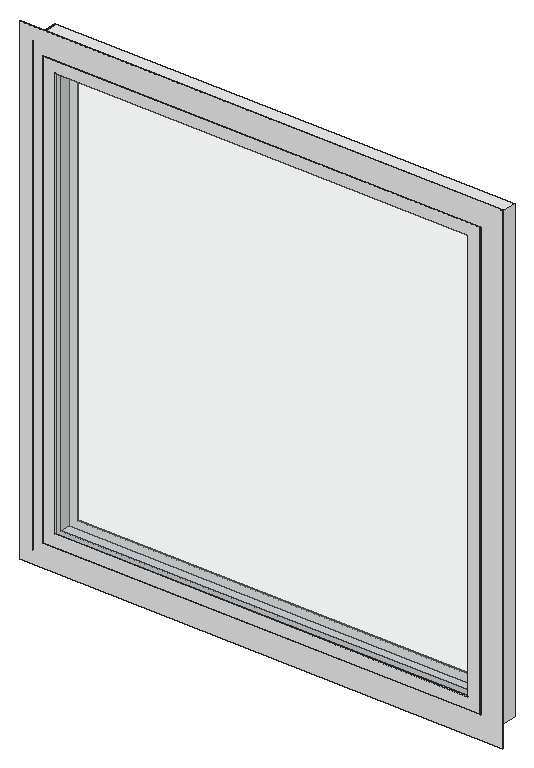
Revit family "Casement_38_B_Top_Hung_Standard", category Windows, host Wall, Revit 2014
Parameters (values of type "Casement_Sash_DG")
  Width Sash [instance] = 30 mm
  Width Sash Inner = 15 mm
  Width Bead = 15 mm
  Top Hung [instance] = yes
  Side Hung Right [instance] = yes
  Side Hung Left [instance] = yes
  Sash Opening Width [instance] = 600 mm
  Sash Opening Height [instance] = 600.312 mm
  Sash Lip = 15 mm
  Glazing Material [instance] = Glass
  DG Start Piece 2 [instance] = DG End Piece 1 + DG Gasket Thickness  # 25 mm
  DG Start Peice 1 [instance] = (Depth Sash - (2 * DG Glazing Thickness) - DG Gasket Thickness) / 2  # 6.6 mm
  Glazing Offset = 5 mm
  DG Glazing Thickness [instance] = 6.4 mm
  DG Gasket Thickness = 12 mm  # constant formula
  DG Gasket Material [instance] = none
  DG End Piece 2 [instance] = DG Start Piece 2 + DG Glazing Thickness  # 31.4 mm
  DG End Piece 1 [instance] = DG Start Peice 1 + DG Glazing Thickness  # 13 mm
  Depth Sash [instance] = 38 mm
  Center Vertical Sash [instance] = Sash Opening Height / 2  # 300.156 mm
  Center Horizontal Sash [instance] = Sash Opening Width / 2  # 300 mm
  Bottom Hung [instance] = yes
  Bead Offset = 15 mm
  Aluminium Thickness = 1 mm
  Aluminium Material [instance] = White Powder Coated Aluminium
Reference planes
  plane 1 "Center (Front/Back)": y = 0
  plane 2: z = 0
  plane 3 "Center (Left/Right)": x = 0
Forms (mm)
  Sweep 1, solid, material "White Powder Coated Aluminium" <- "Aluminium Material"
    path origin (16.177, 0, 121.331) x (1, 0, 0) y (0, 0, 1)
      loop
        line (0, 0) -> (600, 0) -> (600, 600.312) -> (0, 600.312) -> (0, 0)
    profile origin (316.177, 0, 121.331) x (0, 0, 1) y (0, -1, 0)
      loop
        line (0, 0) -> (30, 0) -> (30, 1) -> (15, 1) -> (15, 38) -> (-15, 38) -> (-15, 37) -> (0, 37) -> (0, 0)
      loop
        line (14, 1) -> (14, 37) -> (1, 37) -> (1, 1) -> (14, 1)
  Sweep 2, solid, material "White Powder Coated Aluminium" <- "Aluminium Material"
    path origin (0, 0, 0) x (1, 0, 0) y (0, 0, 1)
      loop
        line (31.177, 706.643) -> (31.177, 136.331) -> (601.177, 136.331) -> (601.177, 706.643) -> (31.177, 706.643)
    profile origin (316.177, 0, 706.643) x (0, 0, 1) y (0, -1, 0)
      loop
        line (0, 37) -> (0, 38) -> (-15, 38) -> (-15, 37) -> (0, 37)
  Extrusion 3, solid, material "Glass" <- "Glazing Material"
    sketch origin (0, 0, 0) x (1, 0, 0) y (0, 0, 1)
      loop
        line (36.177, 701.643) -> (36.177, 141.331) -> (596.177, 141.331) -> (596.177, 701.643) -> (36.177, 701.643)
    from 6.6 <- "DG Start Peice 1" to 13 <- "DG End Piece 1"
  Extrusion 4, solid, material "Glass" <- "Glazing Material"
    sketch origin (0, 0, 0) x (1, 0, 0) y (0, 0, 1)
      loop
        line (36.177, 701.643) -> (36.177, 141.331) -> (596.177, 141.331) -> (596.177, 701.643) -> (36.177, 701.643)
    from 31.4 <- "DG End Piece 2" to 25 <- "DG Start Piece 2"
  Sweep 5, solid, material <- "DG Gasket Material"
    path origin (0, -13, 0) x (1, 0, 0) y (0, 0, 1)
      loop
        line (36.177, 701.643) -> (36.177, 141.331) -> (596.177, 141.331) -> (596.177, 701.643) -> (36.177, 701.643)
    profile origin (316.177, -13, 701.643) x (0, 0, 1) y (0, -1, 0)
      loop
        line (0, 0) -> (0, 12) -> (-7.96, 12) -> (-7.96, 0) -> (0, 0)
Lines and regions (mm)
  model lines
    curve 1: line (1.177, -38, 736.643) -> (31.177, -38, 706.643)
    curve 2: line (601.177, -38, 706.643) -> (631.177, -38, 736.643)
    curve 3: line (601.177, -38, 136.331) -> (631.177, -38, 106.331)
    curve 4: line (1.177, -38, 106.331) -> (31.177, -38, 136.331)
    curve 5: line (631.177, -37, 736.643) -> (616.177, -37, 721.643)
    curve 6: line (1.177, -37, 736.643) -> (16.177, -37, 721.643)
    curve 7: line (1.177, -37, 106.331) -> (16.177, -37, 121.331)
    curve 8: line (631.177, -37, 106.331) -> (616.177, -37, 121.331)
    curve 9: line (616.177, 0, 121.331) -> (586.177, 0, 151.331)
    curve 10: line (46.177, 0, 151.331) -> (16.177, 0, 121.331)
    curve 11: line (616.177, 0, 721.643) -> (586.177, 0, 691.643)
    curve 12: line (46.177, 0, 691.643) -> (16.177, 0, 721.643)
    curve 13: line (31.177, -38, 691.643) -> (46.177, -38, 691.643)
    curve 14: line (586.177, -38, 691.643) -> (601.177, -38, 691.643)
    curve 15: line (586.177, -38, 151.331) -> (601.177, -38, 151.331)
    curve 16: line (31.177, -38, 151.331) -> (46.177, -38, 151.331)
  model lines, style "GenericModelHiddenLines", visible <- "Top Hung"
    curve 17: line (46.386, -31.4, 690.914) -> (316.177, -31.4, 151.331)
    curve 18: line (316.177, -31.4, 151.331) -> (586.177, -31.4, 691.331)
  model lines, style "GenericModelHiddenLines", visible <- "Bottom Hung"
    curve 19: line (46.177, -31.4, 151.331) -> (316.177, -31.4, 691.331)
    curve 20: line (316.177, -31.4, 691.331) -> (586.177, -31.4, 151.331)
  model lines, style "GenericModelHiddenLines", visible <- "Side Hung Left"
    curve 21: line (46.386, -31.4, 690.914) -> (585.24, -31.4, 421.487)
    curve 22: line (585.24, -31.4, 421.487) -> (46.177, -31.4, 151.331)
  model lines, style "GenericModelHiddenLines", visible <- "Side Hung Right"
    curve 23: line (586.177, -31.4, 691.331) -> (46.177, -31.4, 421.487)
    curve 24: line (46.177, -31.4, 421.487) -> (586.177, -31.4, 151.331)
Dimensions and locks
  "Aluminium Thickness": Sweep 1 sketch curve to Sweep 1 sketch curve  (x4)
  "Depth Sash": Sweep 1 sketch curve to Sweep 1 sketch curve
  "Sash Opening Width": Sweep 1 to Sweep 1
  "Sash Opening Height": Sweep 1 to Sweep 1
  "Width Sash": Sweep 1 sketch curve to Sweep 1 sketch curve  (x2)
  "Width Sash Inner": Sweep 1 sketch curve to Sweep 1 sketch curve
  "Sash Lip": Sweep 1 sketch curve to Sweep 1 sketch curve
  "Aluminium Thickness": Sweep 1 to Sweep 2 sketch curve
  "Glazing Offset": Sweep 2 to Extrusion 3 sketch curve  (x3)
  "Glazing Offset": Extrusion 3 sketch curve to Sweep 2
  Sweep 1 to Sweep 1 = 1 mm
  "Aluminium Thickness": Sweep 2 sketch curve to Sweep 2 sketch curve
  "Width Bead": Sweep 2 sketch curve to Sweep 2 sketch curve
  locked: Sweep 5 sketch curve to Sweep 5 sketch curve at 7.96
  "Center Horizontal Sash": Sweep 1 to curve 18
  "Center Horizontal Sash": Sweep 1 to curve 20
  "Center Vertical Sash": Sweep 1 to curve 22
  "Center Vertical Sash": Sweep 1 to curve 24
  aligned and locked: level to plane 2
  aligned and locked: Sweep 1 sketch curve to Sweep 1 sketch curve  (x2)
  aligned and locked: Sweep 2 sketch curve to Sweep 1  (x5)
  aligned and locked: Extrusion 4 sketch curve to Extrusion 3  (x4)
  aligned and locked: Sweep 5 sketch curve to Extrusion 3  (x5)
  aligned and locked: Extrusion 3 to Sweep 5 sketch curve
Automatic sketch dimensions
  plane 3 "Center (Left/Right)" to Sweep 1 sketch curve = 16.177 mm
  level to Sweep 1 sketch curve = 121.331 mm
  plane 3 "Center (Left/Right)" to Sweep 1 sketch curve = 616.177 mm
  level to Sweep 1 sketch curve = 721.643 mm
  profile plane to Sweep 5 sketch curve = 12 mm
  curve 7 to Sweep 1 = 0 mm  (x4)
  curve 6 to Sweep 1 = 0 mm  (x3)
  Sweep 1 to curve 6 = 0 mm
  curve 5 to Sweep 1 = 0 mm  (x3)
  curve 8 to Sweep 1 = 0 mm  (x4)
  Sweep 1 to curve 5 = 0 mm
  curve 16 to Sweep 2 = 0 mm  (x3)
  curve 13 to Sweep 2 = 0 mm  (x3)
  curve 15 to Sweep 2 = 0 mm
  Sweep 2 to curve 15 = 0 mm  (x2)
  curve 14 to Sweep 2 = 0 mm  (x2)
  Sweep 2 to curve 14 = 0 mm
  curve 1 to Sweep 1 = 0 mm  (x4)
  curve 4 to Sweep 1 = 0 mm  (x3)
  Sweep 1 to curve 4 = 0 mm
  curve 3 to Sweep 1 = 0 mm  (x3)
  curve 2 to Sweep 1 = 0 mm  (x4)
  Sweep 1 to curve 3 = 0 mm
  curve 10 to Sweep 1 = 0 mm  (x4)
  curve 12 to Sweep 1 = 0 mm  (x3)
  Sweep 1 to curve 12 = 0 mm
  curve 9 to Sweep 1 = 0 mm  (x4)
  curve 11 to Sweep 1 = 0 mm  (x3)
  Sweep 1 to curve 11 = 0 mm
  Sweep 1 sketch curve to plane 1 "Center (Front/Back)" = 0 mm
  profile plane to Sweep 1 sketch curve = 0 mm
  curve 21 to Extrusion 4 = 10.208 mm
  curve 19 to Extrusion 4 = 10 mm
  curve 23 to Extrusion 4 = 10 mm  (x2)
  curve 22 to Extrusion 4 = 10.937 mm
  curve 20 to Extrusion 4 = 10 mm
  curve 24 to Extrusion 4 = 10 mm
  curve 22 to Extrusion 4 = 10 mm
  curve 18 to Extrusion 4 = 10 mm
  curve 21 to Extrusion 4 = 10.729 mm
  curve 19 to Extrusion 4 = 10.312 mm
  curve 18 to Extrusion 4 = 10.312 mm
Types in the file's own list only (6): name | Windload Design | Width Sash Opening | Width Sash | Width Profile | Width Panel 4 | Width Panel 1 | Width | URL | Offset Window Exterior | Max System DG Unit Thickness | Max System DG One Piece Thickness | Max Pane Area | Limit Fixed Panel Width Max | Intruderprufe U Value | Intruderprufe SHGC Value | Intruderprufe LowE U Value | Intruderprufe LowE SHGC Value | Intruderprufe Insulated U Value | Intruderprufe Insulated SHGC Value | Intruderprufe Insulated LowE U Value | Intruderprufe Insulated LowE SHGC Value | Height Sash Opening | Height | Energy Advantage U Value | Energy Advantage SHGC Value | DG Thickness Calc | Custom Window Width | Custom Window Height | Window Exterior Offset | Custom Windload | Custom Sash Width | Sash Spacing Inner | Sash Overlap | Sash Center Offset | SG Gasket Thickness | Offset Sash Left | Offset Sash Top | Offset Panel 4 Left | Offset Mullion Left | Offset Bead SG Center Reversed | Model | Manufacturer | Limit Window Width Min | Limit Window Width Max | Limit Window Height Min | Limit Window Height Max | Limit Sash Width Min | Limit Sash Width Max | Limit Sash Height Min | Limit Sash Height Max | Limit Fixed Panel Width Min | Length Mullion | Height Sash | Height Panel 4 | Description | Depth Mullion | Frame Center Offset | Depth Bead | Default Sill Height | Wall Closure | DG Gasket Finish | DG Extrusion Start | Mullion Depth Windload Based | Clearvue U Value | Clearvue SHGC Value | Clearvue Insulated U Value | Clearvue Insulated SHGC Value | Clearvue Insulated LowE U Value | Clearvue Insulated LowE SHGC Value | Casement Dimension | Bottom Hung | Bead SG Gap | Area Pane Right | Area Pane Left
  38-1206T-1000Pa | 1000 mm | 554 mm | 524 mm | 30 mm | 561 mm | 539 mm | 1190 mm | "http://www.crealco.co.za/crealco-products.php" | 19 mm | 25 mm | 6 mm | 0.29 m² | 1500 mm | 6.09 | 0.56 | 4.68 | 0.489 | 4.07 | 0.472 | 3.61 | 0.43 | 544 mm | 590 mm | 4.8 | 0.521 | 4 mm | 1190 mm | 590 mm | 0 mm | 1000 mm | 554 mm | 8 mm | 7 mm | 16 mm | 6 mm | 23 mm | 23 mm | 599 mm | 569 mm | 19 mm | "Casement 38" | "Crealco" | 829 mm | 2129 mm | 346 mm | 1246 mm | 300 mm | 1500 mm | 300 mm | 1200 mm | 200 mm | 590 mm | 514 mm | 530 mm | "Window 38mm, Type B top hung" | 39 mm | 19 mm | 24 mm | 800 mm | By host | Double Glazing Gasket Material | 9 mm | 39 mm | 6.22 | 0.58 | 4.17 | 0.508 | 3.7 | 0.463 | 38 mm | No | 13 mm | 0.29 m² | 0.23 m²
  38-1206T-1500Pa | 1500 mm | 554 mm | 524 mm | 30 mm | 561 mm | 539 mm | 1190 mm | "http://www.crealco.co.za/crealco-products.php" | 19 mm | 25 mm | 6 mm | 0.29 m² | 1500 mm | 6.09 | 0.56 | 4.68 | 0.489 | 4.07 | 0.472 | 3.61 | 0.43 | 544 mm | 590 mm | 4.8 | 0.521 | 4 mm | 1190 mm | 590 mm | 0 mm | 1500 mm | 554 mm | 8 mm | 7 mm | 16 mm | 6 mm | 23 mm | 23 mm | 599 mm | 569 mm | 19 mm | "Casement 38" | "Crealco" | 829 mm | 2129 mm | 346 mm | 1246 mm | 300 mm | 1500 mm | 300 mm | 1200 mm | 200 mm | 590 mm | 514 mm | 530 mm | "Window 38mm, Type B top hung" | 39 mm | 19 mm | 24 mm | 800 mm | By host | Double Glazing Gasket Material | 9 mm | 39 mm | 6.22 | 0.58 | 4.17 | 0.508 | 3.7 | 0.463 | 38 mm | No | 13 mm | 0.29 m² | 0.23 m²
  38-1206T-2000Pa | 2000 mm | 554 mm | 524 mm | 30 mm | 561 mm | 539 mm | 1190 mm | "http://www.crealco.co.za/crealco-products.php" | 19 mm | 25 mm | 6 mm | 0.29 m² | 1500 mm | 6.09 | 0.56 | 4.68 | 0.489 | 4.07 | 0.472 | 3.61 | 0.43 | 544 mm | 590 mm | 4.8 | 0.521 | 4 mm | 1190 mm | 590 mm | 0 mm | 2000 mm | 554 mm | 8 mm | 7 mm | 16 mm | 6 mm | 23 mm | 23 mm | 599 mm | 569 mm | 19 mm | "Casement 38" | "Crealco" | 829 mm | 2129 mm | 346 mm | 1246 mm | 300 mm | 1500 mm | 300 mm | 1200 mm | 200 mm | 590 mm | 514 mm | 530 mm | "Window 38mm, Type B top hung" | 39 mm | 19 mm | 24 mm | 800 mm | By host | Double Glazing Gasket Material | 9 mm | 39 mm | 6.22 | 0.58 | 4.17 | 0.508 | 3.7 | 0.463 | 38 mm | No | 13 mm | 0.29 m² | 0.23 m²
  38-1506T-1000Pa | 1000 mm | 554 mm | 524 mm | 30 mm | 861 mm | 539 mm | 1490 mm | "http://www.crealco.co.za/crealco-products.php" | 19 mm | 25 mm | 6 mm | 0.44 m² | 1500 mm | 6.13 | 0.566 | 4.7 | 0.488 | 4.1 | 0.469 | 3.66 | 0.429 | 544 mm | 590 mm | 4.83 | 0.52 | 4 mm | 1490 mm | 590 mm | 0 mm | 1000 mm | 554 mm | 8 mm | 7 mm | 16 mm | 6 mm | 23 mm | 23 mm | 599 mm | 569 mm | 19 mm | "Casement 38" | "Crealco" | 829 mm | 2129 mm | 346 mm | 1246 mm | 300 mm | 1500 mm | 300 mm | 1200 mm | 200 mm | 590 mm | 514 mm | 530 mm | "Window 38mm, Type B top hung" | 39 mm | 19 mm | 24 mm | 800 mm | By host | Double Glazing Gasket Material | 9 mm | 39 mm | 6.23 | 0.58 | 4.2 | 0.506 | 3.73 | 0.461 | 38 mm | No | 13 mm | 0.44 m² | 0.23 m²
  38-1506T-1500Pa | 1500 mm | 554 mm | 524 mm | 30 mm | 861 mm | 539 mm | 1490 mm | "http://www.crealco.co.za/crealco-products.php" | 19 mm | 25 mm | 6 mm | 0.44 m² | 1500 mm | 6.13 | 0.566 | 4.7 | 0.488 | 4.1 | 0.469 | 3.66 | 0.429 | 544 mm | 590 mm | 4.83 | 0.52 | 4 mm | 1490 mm | 590 mm | 0 mm | 1500 mm | 554 mm | 8 mm | 7 mm | 16 mm | 6 mm | 23 mm | 23 mm | 599 mm | 569 mm | 19 mm | "Casement 38" | "Crealco" | 829 mm | 2129 mm | 346 mm | 1246 mm | 300 mm | 1500 mm | 300 mm | 1200 mm | 200 mm | 590 mm | 514 mm | 530 mm | "Window 38mm, Type B top hung" | 39 mm | 19 mm | 24 mm | 800 mm | By host | Double Glazing Gasket Material | 9 mm | 39 mm | 6.23 | 0.58 | 4.2 | 0.506 | 3.73 | 0.461 | 38 mm | No | 13 mm | 0.44 m² | 0.23 m²
  38-1506T-2000Pa | 2000 mm | 554 mm | 524 mm | 30 mm | 861 mm | 539 mm | 1490 mm | "http://www.crealco.co.za/crealco-products.php" | 19 mm | 25 mm | 6 mm | 0.44 m² | 1500 mm | 6.13 | 0.566 | 4.7 | 0.488 | 4.1 | 0.469 | 3.66 | 0.429 | 544 mm | 590 mm | 4.83 | 0.52 | 4 mm | 1490 mm | 590 mm | 0 mm | 2000 mm | 554 mm | 8 mm | 7 mm | 16 mm | 6 mm | 23 mm | 23 mm | 599 mm | 569 mm | 19 mm | "Casement 38" | "Crealco" | 829 mm | 2129 mm | 346 mm | 1246 mm | 300 mm | 1500 mm | 300 mm | 1200 mm | 200 mm | 590 mm | 514 mm | 530 mm | "Window 38mm, Type B top hung" | 39 mm | 19 mm | 24 mm | 800 mm | By host | Double Glazing Gasket Material | 9 mm | 39 mm | 6.23 | 0.58 | 4.2 | 0.506 | 3.73 | 0.461 | 38 mm | No | 13 mm | 0.44 m² | 0.23 m²
